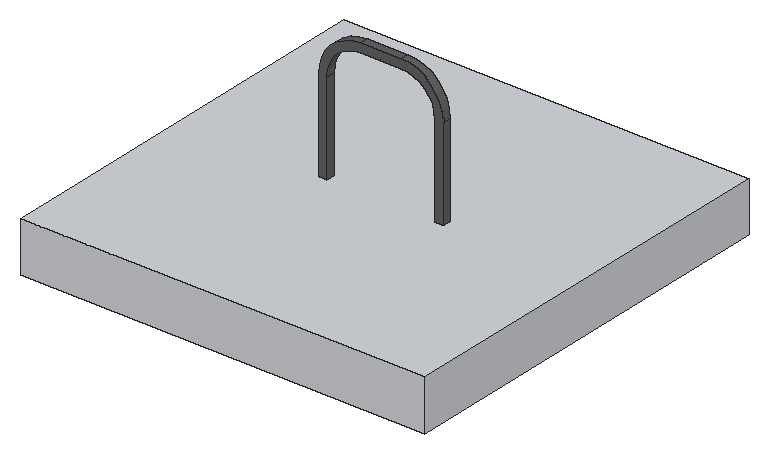
Revit family "Bike_Rack-Saris_Parking-Bike_Dock", category Site, host Face, Revit 2014 (continued)
Definition of nested family "Bicycle-Saris_Parking-2D"
  Definition of nested family "LEFT"
    Lines and regions (in)
      model lines, style "Bike 2D", detail levels medium+fine
        curve 237: line (0, 22.30338, 15.15956) -> (0, 22.47777, 14.41946)
        curve 238: spline (0, 22.34492, 13.53194) -> (0, 22.28256, 13.52108) -> (0, 22.21882, 13.51019) -> (0, 22.15525, 13.49953) -> (0, 22.09335, 13.48936) -> (0, 22.03462, 13.47993) -> (0, 21.98047, 13.47147) -> (0, 21.9322, 13.46416) -> (0, 21.89097, 13.4582) -> (0, 21.85777, 13.45372) -> (0, 21.83339, 13.45083) -> (0, 21.81843, 13.44961) -> (0, 21.81323, 13.45007)
        curve 239: line (0, 21.67626, 14.17032) -> (0, 21.81323, 13.45007)
        curve 240: line (0, 21.51082, 14.88446) -> (0, 21.67626, 14.17032)
        curve 241: line (0, 22.60444, 13.76799) -> (0, 22.55705, 14.01216)
        curve 242: line (0, 22.34492, 13.53194) -> (0, 22.82387, 13.96757)
        curve 243: line (0, 21.62524, 12.87737) -> (0, 22.34492, 13.53194)
        curve 244: line (0, 22.82387, 13.96757) -> (0, 23.29247, 13.45237)
        curve 245: line (0, 23.29247, 13.45237) -> (0, 24.37335, 13.01986)
        curve 246: line (0, 22.49425, 11.66018) -> (0, 23.55417, 11.75828)
        curve 247: line (0, 23.51905, 12.25716) -> (0, 22.32217, 12.14639)
        curve 248: arc (0, 22.73825, 11.68276) -> (0, 22.67911, 11.92839) -> (0, 22.69262, 12.18067) r 0.875
        curve 249: arc (0, 23.02933, 11.05804) -> (0, 22.6095, 11.22378) -> (0, 22.49425, 11.66018) r 0.5
        curve 250: line (0, 24.31925, 11.17742) -> (0, 23.02933, 11.05804)
        curve 251: arc (0, 24.77104, 11.72138) -> (0, 24.6578, 11.35583) -> (0, 24.31925, 11.17742) r 0.5
        curve 252: line (0, 24.68972, 12.60002) -> (0, 24.77104, 11.72138)
        curve 253: arc (0, 24.37335, 13.01986) -> (0, 24.59116, 12.85487) -> (0, 24.68972, 12.60002) r 0.50004
        curve 254: arc (0, 23.55046, 12.25825) -> (0, 23.80045, 12.0101) -> (0, 23.55417, 11.75828) r 0.25
        curve 255: arc (0, 23.55046, 11.75825) -> (0, 23.30046, 12.00825) -> (0, 23.55046, 12.25825) r 0.25
        curve 256: arc (0, 8.88549, 12.42689) -> (0, 15.30416, 13.44303) -> (0, 21.80182, 13.55356) r 46.45669
        curve 257: line (0, 22.32217, 11.66532) -> (0, 11.42003, 11.47503)
        curve 258: arc (0, 11.68176, 15.13655) -> (0, 13.57633, 19.61552) -> (0, 17.15373, 22.90987) r 11.49213
        curve 259: arc (0, 17.9036, 23.31367) -> (0, 20.37098, 24.19391) -> (0, 22.9736, 24.4925) r 11.49213
        curve 260: arc (0, 22.9736, 24.4925) -> (0, 25.35578, 24.24289) -> (0, 27.63448, 23.50491) r 11.49213
        curve 261: arc (0, 27.88089, 23.39208) -> (0, 31.08979, 21.1365) -> (0, 33.35323, 17.93315) r 11.49213
        curve 262: arc (0, 33.4582, 17.70592) -> (0, 32.62103, 6.75568) -> (0, 22.9736, 1.50825) r 11.49213
        curve 263: arc (0, 34.86283, 16.83101) -> (0, 33.07005, 5.64583) -> (0, 22.9736, 0.50928) r 12.4911
        curve 264: arc (0, 22.9736, 1.50825) -> (0, 15.40485, 4.35266) -> (0, 11.58278, 11.47787) r 11.49213
        curve 265: arc (0, 22.9736, 0.50928) -> (0, 16.5028, 2.31599) -> (0, 11.90386, 7.21347) r 12.4911
        curve 266: arc (0, 11.49298, 8.07872) -> (0, 10.91625, 9.73728) -> (0, 10.57781, 11.46033) r 12.4911
        curve 267: arc (0, 11.48539, 12.70038) -> (0, 11.48282, 12.82473) -> (0, 11.48159, 12.9491) r 11.49213
        curve 268: line (0, 11.42003, 11.47503) -> (0, 9.59496, 11.44317)
        curve 269: line (0, 9.59496, 11.44317) -> (0, 8.46689, 11.42348)
        curve 270: arc (0, 8.4891, 11.9128) -> (0, 8.59537, 12.24073) -> (0, 8.88549, 12.42689) r 0.51181
        curve 271: arc (0, 8.4891, 11.9128) -> (0, 8.47248, 11.47264) -> (0, 8.39645, 11.03878) r 3.24803
        curve 272: arc (0, 8.39645, 11.03878) -> (0, 8.29229, 10.70331) -> (0, 8.1489, 10.38265) r 2.94237
        curve 273: line (0, 11.39867, 12.69887) -> (0, 10.14198, 12.69887)
        curve 274: line (0, 11.98589, 13.03281) -> (0, 11.98589, 12.70912)
        curve 275: line (0, 12.13535, 13.05653) -> (0, 12.13535, 12.71173)
        curve 276: line (0, 21.62524, 12.87737) -> (0, 11.39867, 12.69887)
        curve 277: arc (0, -8.30259, 14.10478) -> (0, -11.23385, 5.27454) -> (0, -19.74152, 1.50825) r 11.49213
        curve 278: arc (0, -19.74152, 1.50825) -> (0, -31.23365, 13.00037) -> (0, -19.74152, 24.4925) r 11.49213
        curve 279: line (0, 22.32217, 12.14639) -> (0, 22.32217, 11.66532)
        curve 280: arc (0, 29.37262, 26.56729) -> (0, 29.44221, 27.14518) -> (0, 29.08248, 27.60278) r 0.75989
        curve 281: arc (0, 29.21984, 27.83684) -> (0, 29.70434, 27.21575) -> (0, 29.60743, 26.43401) r 1.02869
        curve 282: arc (0, 35.77393, 18.64012) -> (0, 35.81259, 18.7984) -> (0, 35.66406, 18.86537) r 0.12746
        curve 283: line (0, 36.18598, 17.28574) -> (0, 34.70673, 16.77737)
        curve 284: arc (0, 21.31716, 15.59136) -> (0, 19.69496, 19.51202) -> (0, 17.15373, 22.90987) r 17.02717
        curve 285: arc (0, 22.30338, 15.15956) -> (0, 20.64355, 19.52802) -> (0, 17.9036, 23.31367) r 17.79365
        curve 286: arc (0, 17.50432, 22.53505) -> (0, 14.05765, 19.40686) -> (0, 12.17553, 15.14978) r 11.22948
        curve 287: arc (0, 17.60227, 22.42617) -> (0, 14.18209, 19.35856) -> (0, 12.34911, 15.14572) r 10.7845
        curve 288: arc (0, 27.38568, 23.06656) -> (0, 22.80667, 23.98907) -> (0, 18.25762, 22.92867) r 11.00194
        curve 289: arc (0, 10.04684, 11.45106) -> (0, 10.39885, 9.73301) -> (0, 10.9716, 8.07543) r 13.4385
        curve 290: arc (0, 11.31136, 7.06266) -> (0, 27.91123, 0.92789) -> (0, 35.3343, 16.99305) r 13.03775
        curve 291: arc (0, 32.85983, 17.46452) -> (0, 26.00992, 2.53977) -> (0, 12.24132, 11.48936) r 10.84899
        curve 292: arc (0, 12.08797, 11.48669) -> (0, 26.02571, 2.42327) -> (0, 32.99317, 17.51831) r 10.99296
        curve 293: arc (0, 32.88735, 17.7452) -> (0, 30.7168, 20.81064) -> (0, 27.63213, 22.9538) r 10.86472
        curve 294: arc (0, 27.56116, 22.82874) -> (0, 30.59662, 20.70397) -> (0, 32.75339, 17.69116) r 10.98923
        curve 295: arc (0, 27.31469, 22.94148) -> (0, 22.82243, 23.84165) -> (0, 18.35708, 22.81631) r 10.90026
        curve 296: arc (0, -8.94529, 14.04289) -> (0, -28.4992, 6.65313) -> (0, -15.3918, 22.93687) r 10.83243
        curve 297: arc (0, -15.3356, 23.06917) -> (0, -28.67449, 6.52509) -> (0, -8.8022, 14.05667) r 11.01012
        curve 298: arc (0, -8.97213, 14.29269) -> (0, -10.74261, 19.05992) -> (0, -14.49348, 22.49389) r 10.83243
        curve 299: arc (0, -14.43765, 22.62533) -> (0, -10.63095, 19.14179) -> (0, -8.82946, 14.30643) r 11.01012
      model lines, style "Bike 2D", detail levels coarse
        curve 2: line (0, -32.73252, 42.79206) -> (0, 36.18684, 42.79206)
        curve 300: line (0, 36.18684, 0.00825) -> (0, -32.73252, 0.00825)
        curve 301: line (0, 36.18684, 42.79206) -> (0, 36.18684, 0.00825)
        curve 302: line (0, -32.73252, 0.00825) -> (0, -32.73252, 42.79206)
    Dimensions and locks (in)
      aligned and locked: plane 2 to level
  Definition of nested family "REFLVL"
    Reference planes (in)
      plane 1 "Center (Front/Back)": y = 0
      plane 2: z = 0
      plane 3 "Center (Left/Right)": x = 0
    Lines and regions (in)
      symbolic lines, style "Bike 2D", detail levels medium+fine
        curve 1: line (-1.76035, 34.28438, 0) -> (-1.76035, 30.15007, 0)
        curve 2: line (-1.51035, 30.15007, 0) -> (-1.51035, 34.19814, 0)
        curve 3: line (-1.44526, 34.59773, 0) -> (-1.44526, 30.15007, 0)
        curve 4: line (1.43596, 34.59773, 0) -> (1.43596, 30.15007, 0)
        curve 5: line (1.50104, 34.19814, 0) -> (1.50104, 30.15007, 0)
        curve 6: line (1.75104, 30.15007, 0) -> (1.75104, 34.28438, 0)
        curve 7: arc (-1.37764, 35.22185, 0) -> (-0.00465, 36.19834, 0) -> (1.36833, 35.22185, 0) r 1.45348
        curve 8: arc (-1.76035, 34.28438, 0) -> (-1.1936, 35.41197, 0) -> (-0.00465, 35.83516, 0) r 1.69461
        curve 9: arc (-0.00465, 35.5852, 0) -> (-1.05417, 35.21372, 0) -> (-1.51035, 34.19814, 0) r 1.41535
        curve 10: arc (1.75104, 34.28438, 0) -> (1.18429, 35.41197, 0) -> (-0.00465, 35.83516, 0) r 1.69461
        curve 11: arc (-0.00465, 35.5852, 0) -> (1.04487, 35.21372, 0) -> (1.50104, 34.19814, 0) r 1.41535
        curve 12: line (-1.09029, 30.37075, 0) -> (1.08099, 30.37075, 0)
        curve 13: line (-1.09029, 30.15007, 0) -> (-1.09029, 30.37075, 0)
        curve 14: line (-2.11177, 20.37545, 0) -> (-2.11177, 30.15007, 0)
        curve 15: line (2.10247, 30.15007, 0) -> (-2.11177, 30.15007, 0)
        curve 16: line (1.08099, 30.15007, 0) -> (1.08099, 30.37075, 0)
        curve 17: line (2.10247, 20.37545, 0) -> (2.10247, 30.15007, 0)
        curve 18: line (-2.62965, 24.78553, 0) -> (-2.25465, 24.78553, 0)
        curve 19: line (-2.62965, 22.34422, 0) -> (-2.62965, 24.78553, 0)
        curve 20: line (-2.62965, 23.81282, 0) -> (-2.71298, 23.81282, 0)
        curve 21: line (-2.71298, 23.81282, 0) -> (-2.71298, 23.31282, 0)
        curve 22: line (-2.71298, 23.31282, 0) -> (-2.62965, 23.31282, 0)
        curve 23: line (-2.11177, 25.1083, 0) -> (-2.62353, 22.34473, 0)
        curve 24: line (-2.25465, 24.78553, 0) -> (-2.25465, 24.38571, 0)
        curve 25: line (-2.25465, 22.85389, 0) -> (-2.11177, 23.62547, 0)
        curve 26: line (-2.25465, 22.85389, 0) -> (-2.25465, 22.64937, 0)
        curve 27: spline (-2.11177, 22.61798, 0) -> (-2.12315, 22.62248, 0) -> (-2.13465, 22.62664, 0) -> (-2.14628, 22.63047, 0) -> (-2.15802, 22.63396, 0) -> (-2.16986, 22.6371, 0) -> (-2.18178, 22.63991, 0) -> (-2.19379, 22.64236, 0) -> (-2.20587, 22.64447, 0) -> (-2.218, 22.64622, 0) -> (-2.23018, 22.64763, 0) -> (-2.2424, 22.64868, 0) -> (-2.25465, 22.64937, 0)
        curve 28: line (-2.7074, 22.33771, 0) -> (-2.44814, 20.22624, 0)
        curve 29: line (-2.88634, 22.32273, 0) -> (-2.76709, 20.05839, 0)
        curve 30: line (-2.62965, 22.34422, 0) -> (-2.88634, 22.32273, 0)
        curve 31: arc (-0.00465, 20.7708, 0) -> (-1.69939, 20.52293, 0) -> (-3.23321, 19.76071, 0) r 5.44335
        curve 32: arc (-3.23321, 19.76071, 0) -> (-4.06719, 16.42019, 0) -> (-2.97639, 13.1545, 0) r 6.15429
        curve 33: arc (-2.97639, 13.1545, 0) -> (-1.78498, 12.01981, 0) -> (-1.17923, 10.49009, 0) r 3.83192
        curve 34: line (-0.71107, 10.05492, 0) -> (0.70177, 10.05492, 0)
        curve 35: arc (-1.17923, 10.49009, 0) -> (-0.99063, 10.22357, 0) -> (-0.71107, 10.05492, 0) r 0.7978
        curve 36: line (2.62035, 24.78553, 0) -> (2.24535, 24.78553, 0)
        curve 37: line (2.62035, 22.34422, 0) -> (2.62035, 24.78553, 0)
        curve 38: line (2.62035, 23.81282, 0) -> (2.70368, 23.81282, 0)
        curve 39: line (2.70368, 23.81282, 0) -> (2.70368, 23.31282, 0)
        curve 40: line (2.70368, 23.31282, 0) -> (2.62035, 23.31282, 0)
        curve 41: line (2.10247, 25.1083, 0) -> (2.61423, 22.34473, 0)
        curve 42: line (2.24535, 24.78553, 0) -> (2.24535, 24.38571, 0)
        curve 43: line (2.24535, 22.85389, 0) -> (2.10247, 23.62547, 0)
        curve 44: line (2.24535, 22.85389, 0) -> (2.24535, 22.64937, 0)
        curve 45: spline (2.10247, 22.61798, 0) -> (2.11384, 22.62248, 0) -> (2.12535, 22.62664, 0) -> (2.13698, 22.63047, 0) -> (2.14872, 22.63396, 0) -> (2.16055, 22.6371, 0) -> (2.17248, 22.63991, 0) -> (2.18449, 22.64236, 0) -> (2.19656, 22.64447, 0) -> (2.2087, 22.64622, 0) -> (2.22088, 22.64763, 0) -> (2.2331, 22.64868, 0) -> (2.24535, 22.64937, 0)
        curve 46: line (2.69809, 22.33771, 0) -> (2.43884, 20.22624, 0)
        curve 47: line (2.87704, 22.32273, 0) -> (2.75779, 20.05839, 0)
        curve 48: line (2.62035, 22.34422, 0) -> (2.87704, 22.32273, 0)
        curve 49: arc (-0.00465, 20.7708, 0) -> (1.69009, 20.52293, 0) -> (3.22391, 19.76071, 0) r 5.44335
        curve 50: arc (3.22391, 19.76071, 0) -> (4.05789, 16.42019, 0) -> (2.96709, 13.1545, 0) r 6.15429
        curve 51: arc (2.96709, 13.1545, 0) -> (1.77568, 12.01981, 0) -> (1.16992, 10.49009, 0) r 3.83192
        curve 52: arc (1.16992, 10.49009, 0) -> (0.98133, 10.22357, 0) -> (0.70177, 10.05492, 0) r 0.7978
        curve 53: line (-3.35465, 8.83962, 0) -> (-6.85465, 8.83962, 0)
        curve 54: line (-6.85465, 8.83962, 0) -> (-6.85465, 11.98354, 0)
        curve 55: line (-6.85465, 11.98354, 0) -> (-3.35465, 11.98354, 0)
        curve 56: line (-3.35465, 11.98354, 0) -> (-3.35465, 8.83962, 0)
        curve 57: line (-2.3112, 11.40158, 0) -> (-2.38004, 12.70866, 0)
        curve 58: line (-2.25465, 2.00687, 0) -> (-2.25465, 12.57175, 0)
        curve 59: line (-2.11177, 12.42117, 0) -> (-2.11177, 2.00744, 0)
        curve 60: line (-1.57514, 11.66986, 0) -> (-1.44526, 10.6084, 0)
        curve 61: line (-1.44526, 11.39942, 0) -> (-1.44526, 10.10946, 0)
        curve 62: line (-1.32535, 9.6284, 0) -> (-0.72145, 7.20566, 0)
        curve 63: line (-2.11177, 9.74592, 0) -> (-1.495, 6.43862, 0)
        curve 64: line (-2.41715, 10.87194, 0) -> (-2.41715, 6.40406, 0)
        curve 65: line (-2.79215, 6.40406, 0) -> (-2.79215, 10.87194, 0)
        curve 66: line (-2.79215, 10.87194, 0) -> (-2.41715, 10.87194, 0)
        curve 67: line (-2.25465, 10.86337, 0) -> (-2.3112, 11.40158, 0)
        curve 68: arc (-1.44526, 10.10946, 0) -> (-1.23077, 9.45644, 0) -> (-0.72145, 8.99488, 0) r 1.34395
        curve 69: line (-0.72145, 10.05863, 0) -> (-0.72145, 8.91339, 0)
        curve 70: line (-2.79215, 6.40406, 0) -> (-2.41715, 6.40406, 0)
        curve 71: line (-2.79215, 4.08328, 0) -> (-2.79215, 6.40406, 0)
        curve 72: line (-2.41715, 6.40406, 0) -> (-2.41715, 4.08328, 0)
        curve 73: line (-2.41715, 4.08328, 0) -> (-2.79215, 4.08328, 0)
        curve 74: line (-2.11177, 2.00744, 0) -> (-2.25465, 2.00687, 0)
        curve 75: line (-0.72145, 3.80614, 0) -> (-1.62965, 3.80614, 0)
        curve 76: line (-1.62965, 3.80614, 0) -> (-1.62965, 6.30537, 0)
        curve 77: line (-1.62965, 6.30537, 0) -> (-1.495, 6.30537, 0)
        curve 78: line (-1.495, 6.43862, 0) -> (-1.495, 6.30537, 0)
        curve 79: line (-0.72145, 8.91339, 0) -> (-0.72145, -9.48759, 0)
        curve 80: line (-1.62965, 5.43022, 0) -> (-2.11177, 5.43022, 0)
        curve 81: line (-2.11177, 4.68052, 0) -> (-1.62965, 4.68052, 0)
        curve 82: line (-2.41715, 4.68052, 0) -> (-2.25465, 4.68052, 0)
        curve 83: line (-2.25465, 5.43022, 0) -> (-2.41715, 5.43022, 0)
        curve 84: line (2.3019, 11.40158, 0) -> (2.37073, 12.70866, 0)
        curve 85: line (1.56584, 11.66986, 0) -> (1.43596, 10.6084, 0)
        curve 86: line (1.43596, 11.39942, 0) -> (1.43596, 10.10946, 0)
        curve 87: line (1.31605, 9.6284, 0) -> (0.71215, 7.20566, 0)
        curve 88: line (2.16081, 10.05878, 0) -> (1.4857, 6.43862, 0)
        curve 89: line (2.16081, 10.05878, 0) -> (2.3019, 11.40158, 0)
        curve 90: arc (1.43596, 10.10946, 0) -> (1.22146, 9.45644, 0) -> (0.71215, 8.99488, 0) r 1.34395
        curve 91: line (0.71215, 10.05863, 0) -> (0.71215, 8.91339, 0)
        curve 92: line (0.71215, 3.80614, 0) -> (1.62035, 3.80614, 0)
        curve 93: line (1.62035, 3.80614, 0) -> (1.62035, 6.30537, 0)
        curve 94: line (1.62035, 6.30537, 0) -> (1.4857, 6.30537, 0)
        curve 95: line (1.4857, 6.43862, 0) -> (1.4857, 6.30537, 0)
        curve 96: line (0.71215, 8.91339, 0) -> (0.71215, -9.48759, 0)
        curve 97: line (1.62035, 5.43022, 0) -> (2.05785, 5.43022, 0)
        curve 98: line (2.05785, 4.68052, 0) -> (1.62035, 4.68052, 0)
        curve 99: line (2.43285, 6.02747, 0) -> (2.05785, 6.02747, 0)
        curve 100: line (2.05785, 6.02747, 0) -> (2.05785, 4.40943, 0)
        curve 101: line (2.05785, 4.40943, 0) -> (2.43285, 4.40943, 0)
        curve 102: line (2.43285, 4.40943, 0) -> (2.43285, 6.02747, 0)
        curve 103: line (2.43285, -0.7615, 0) -> (2.43285, 4.40943, 0)
        curve 104: line (2.05785, 4.40943, 0) -> (2.05785, -0.7615, 0)
        curve 105: line (2.05785, -0.7615, 0) -> (2.43285, -0.7615, 0)
        curve 106: line (2.99535, -1.8721, 0) -> (2.99535, 1.27182, 0)
        curve 107: line (6.49535, 1.27182, 0) -> (6.49535, -1.8721, 0)
        curve 108: line (2.99535, 1.27182, 0) -> (6.49535, 1.27182, 0)
        curve 109: line (6.49535, -1.8721, 0) -> (2.99535, -1.8721, 0)
        curve 110: line (-6.74423, -4.40772, 0) -> (-8.60753, -1.19229, 0)
        curve 111: line (-7.69029, -5.14871, 0) -> (-5.36114, -9.18292, 0)
        curve 112: line (-4.54582, -8.59509, 0) -> (-6.82506, -4.64733, 0)
        curve 113: line (-9.79413, -1.87991, 0) -> (-7.93084, -5.09534, 0)
        curve 114: spline (-8.60753, -1.19229, 0) -> (-8.65492, -1.15711, 0) -> (-8.73952, -1.14775, 0) -> (-8.85555, -1.16486, 0) -> (-8.99512, -1.20726, 0) -> (-9.1487, -1.27208, 0) -> (-9.30584, -1.35489, 0) -> (-9.45582, -1.45005, 0) -> (-9.58842, -1.55107, 0) -> (-9.69461, -1.65108, 0) -> (-9.76715, -1.74325, 0) -> (-9.8011, -1.8213, 0) -> (-9.79413, -1.87991, 0)
        curve 115: arc (-6.82506, -4.64733, 0) -> (-6.73038, -4.54583, 0) -> (-6.74423, -4.40772, 0) r 0.16822
        curve 116: arc (-7.69029, -5.14871, 0) -> (-7.82228, -5.17482, 0) -> (-7.93084, -5.09534, 0) r 0.16737
        curve 117: line (-1.76099, -7.33346, 0) -> (-1.76099, -9.49474, 0)
        curve 118: line (-1.50978, -9.49432, 0) -> (-1.50978, -7.33346, 0)
        curve 119: line (-1.44526, -7.3743, 0) -> (-1.44526, -9.48759, 0)
        curve 120: line (-0.62965, -9.48759, 0) -> (-2.18187, -9.48759, 0)
        curve 121: line (-2.15732, -10.48759, 0) -> (-0.62965, -10.48759, 0)
        curve 122: line (-1.76099, -10.48049, 0) -> (-1.76099, -12.54985, 0)
        curve 123: line (-1.50978, -12.32983, 0) -> (-1.50978, -10.48091, 0)
        curve 124: line (-1.44526, -10.47432, 0) -> (-1.44526, -12.27333, 0)
        curve 125: line (-1.00465, -10.48759, 0) -> (-1.00465, -11.88743, 0)
        curve 126: line (-1.00465, -11.88743, 0) -> (-2.45779, -13.16011, 0)
        curve 127: arc (-4.54582, -8.59509, 0) -> (-3.44528, -9.25703, 0) -> (-2.18187, -9.48759, 0) r 3.57695
        curve 128: arc (-2.15732, -10.48759, 0) -> (-3.88696, -10.14892, 0) -> (-5.36114, -9.18292, 0) r 4.58608
        curve 129: arc (-1.44526, -7.3743, 0) -> (-1.25296, -6.60654, 0) -> (-0.72145, -6.02008, 0) r 1.62874
        curve 130: arc (-1.50978, -7.33346, 0) -> (-1.29757, -6.56748, 0) -> (-0.72145, -6.01989, 0) r 1.48854
        curve 131: arc (-1.76099, -7.33346, 0) -> (-1.47821, -6.38074, 0) -> (-0.72145, -5.73657, 0) r 1.74629
        curve 132: line (6.73493, -4.40772, 0) -> (8.59822, -1.19229, 0)
        curve 133: line (7.68099, -5.14871, 0) -> (5.35184, -9.18292, 0)
        curve 134: line (4.53652, -8.59509, 0) -> (6.81576, -4.64733, 0)
        curve 135: line (9.79351, -1.86494, 0) -> (7.92154, -5.09534, 0)
        curve 136: spline (8.59822, -1.19229, 0) -> (8.64562, -1.15711, 0) -> (8.73021, -1.14775, 0) -> (8.84625, -1.16486, 0) -> (8.98582, -1.20726, 0) -> (9.1394, -1.27208, 0) -> (9.29654, -1.35489, 0) -> (9.44652, -1.45005, 0) -> (9.57912, -1.55107, 0) -> (9.68531, -1.65108, 0) -> (9.75785, -1.74325, 0) -> (9.79179, -1.8213, 0) -> (9.78483, -1.87991, 0)
        curve 137: arc (6.81576, -4.64733, 0) -> (6.72108, -4.54583, 0) -> (6.73493, -4.40772, 0) r 0.16822
        curve 138: arc (7.68099, -5.14871, 0) -> (7.81298, -5.17482, 0) -> (7.92154, -5.09534, 0) r 0.16737
        curve 139: line (1.75169, -7.33346, 0) -> (1.75169, -9.49474, 0)
        curve 140: line (1.50047, -9.49432, 0) -> (1.50047, -7.33346, 0)
        curve 141: line (1.43596, -7.3743, 0) -> (1.43596, -9.48759, 0)
        curve 142: line (0.71215, -9.48759, 0) -> (2.17257, -9.48759, 0)
        curve 143: line (2.14802, -10.48759, 0) -> (0.62035, -10.48759, 0)
        curve 144: line (1.75169, -10.48049, 0) -> (1.75169, -12.54985, 0)
        curve 145: line (1.50047, -12.32983, 0) -> (1.50047, -10.48091, 0)
        curve 146: line (1.43596, -10.47432, 0) -> (1.43596, -12.27333, 0)
        curve 147: line (0.99535, -10.48759, 0) -> (0.99535, -11.88743, 0)
        curve 148: line (0.99535, -11.88743, 0) -> (2.44849, -13.16011, 0)
        curve 149: arc (4.53652, -8.59509, 0) -> (3.43598, -9.25703, 0) -> (2.17257, -9.48759, 0) r 3.57695
        curve 150: arc (2.14802, -10.48759, 0) -> (3.87766, -10.14892, 0) -> (5.35184, -9.18292, 0) r 4.58608
        curve 151: arc (1.43596, -7.3743, 0) -> (1.24365, -6.60654, 0) -> (0.71215, -6.02008, 0) r 1.62874
        curve 152: arc (1.50047, -7.33346, 0) -> (1.28826, -6.56748, 0) -> (0.71215, -6.01989, 0) r 1.48854
        curve 153: arc (1.75169, -7.33346, 0) -> (1.46891, -6.38074, 0) -> (0.71215, -5.73657, 0) r 1.74629
        curve 154: spline (-0.00465, -7.95937, 0) -> (0.12476, -7.94368, 0) -> (0.24535, -7.89771, 0) -> (0.3489, -7.82457, 0) -> (0.42836, -7.72926, 0) -> (0.47831, -7.61827, 0) -> (0.49535, -7.49915, 0) -> (0.47831, -7.38004, 0) -> (0.42836, -7.26905, 0) -> (0.3489, -7.17374, 0) -> (0.24535, -7.1006, 0) -> (0.12476, -7.05463, 0) -> (-0.00465, -7.03894, 0)
        curve 155: spline (-0.00465, -7.03894, 0) -> (-0.13406, -7.05463, 0) -> (-0.25465, -7.1006, 0) -> (-0.3582, -7.17374, 0) -> (-0.43766, -7.26905, 0) -> (-0.48761, -7.38004, 0) -> (-0.50465, -7.49915, 0) -> (-0.48761, -7.61827, 0) -> (-0.43766, -7.72926, 0) -> (-0.3582, -7.82457, 0) -> (-0.25465, -7.89771, 0) -> (-0.13406, -7.94368, 0) -> (-0.00465, -7.95937, 0)
        curve 156: line (-0.50465, -7.49915, 0) -> (-0.50465, -9.32024, 0)
        curve 157: line (0.49535, -9.32024, 0) -> (0.49535, -7.49915, 0)
        curve 158: line (-0.62965, -9.32024, 0) -> (0.62035, -9.32024, 0)
        curve 159: line (-0.62965, -11.02577, 0) -> (-0.62965, -9.32024, 0)
        curve 160: line (0.62035, -9.32024, 0) -> (0.62035, -11.02577, 0)
        curve 161: line (0.62035, -11.02577, 0) -> (-0.62965, -11.02577, 0)
        curve 162: spline (-2.45779, -13.16011, 0) -> (-2.55546, -13.26827, 0) -> (-2.62322, -13.39425, 0) -> (-2.6574, -13.53121, 0) -> (-2.65615, -13.67172, 0) -> (-2.61953, -13.80814, 0) -> (-2.54953, -13.93308, 0) -> (-2.44995, -14.03976, 0) -> (-2.3262, -14.12237, 0) -> (-2.18499, -14.17644, 0) -> (-2.03399, -14.19903, 0) -> (-1.8814, -14.18891, 0) -> (-1.73549, -14.14663, 0)
        curve 163: spline (1.72619, -14.14663, 0) -> (1.87209, -14.18891, 0) -> (2.02469, -14.19903, 0) -> (2.17568, -14.17644, 0) -> (2.31689, -14.12237, 0) -> (2.44065, -14.03976, 0) -> (2.54023, -13.93308, 0) -> (2.61023, -13.80814, 0) -> (2.64685, -13.67172, 0) -> (2.6481, -13.53121, 0) -> (2.61392, -13.39425, 0) -> (2.54615, -13.26827, 0) -> (2.44849, -13.16011, 0)
        curve 164: line (1.30088, -13.97108, 0) -> (1.72619, -14.14663, 0)
        curve 165: line (-1.73549, -14.14663, 0) -> (-1.31018, -13.97108, 0)
        curve 166: spline (-0.4929, -13.24896, 0) -> (-0.41703, -13.28422, 0) -> (-0.33819, -13.31342, 0) -> (-0.25694, -13.33635, 0) -> (-0.17386, -13.35285, 0) -> (-0.08956, -13.3628, 0) -> (-0.00465, -13.36612, 0) -> (0.08026, -13.3628, 0) -> (0.16456, -13.35285, 0) -> (0.24763, -13.33635, 0) -> (0.32889, -13.31342, 0) -> (0.40773, -13.28422, 0) -> (0.4836, -13.24896, 0)
        curve 167: line (-1.31018, -14.76604, 0) -> (-1.73549, -14.94159, 0)
        curve 168: spline (-2.66127, -14.39152, 0) -> (-2.65223, -14.49122, 0) -> (-2.62537, -14.58819, 0) -> (-2.58143, -14.67974, 0) -> (-2.52161, -14.76335, 0) -> (-2.44756, -14.83674, 0) -> (-2.36131, -14.89786, 0) -> (-2.26526, -14.94506, 0) -> (-2.16202, -14.97701, 0) -> (-2.05446, -14.99285, 0) -> (-1.94553, -14.99214, 0) -> (-1.83822, -14.97489, 0) -> (-1.73549, -14.94159, 0)
        curve 169: line (-2.66127, -13.59656, 0) -> (-2.66127, -14.39152, 0)
        curve 170: line (-1.31018, -14.76604, 0) -> (-1.31018, -13.97108, 0)
        curve 171: arc (-1.31018, -13.97108, 0) -> (-0.97472, -13.52719, 0) -> (-0.4929, -13.24896, 0) r 1.40041
        curve 172: arc (1.30088, -13.97108, 0) -> (0.96542, -13.52719, 0) -> (0.4836, -13.24896, 0) r 1.40041
        curve 173: line (1.30088, -14.76604, 0) -> (1.72619, -14.94159, 0)
        curve 174: spline (2.65197, -14.39152, 0) -> (2.64293, -14.49122, 0) -> (2.61607, -14.58819, 0) -> (2.57212, -14.67974, 0) -> (2.5123, -14.76335, 0) -> (2.43825, -14.83674, 0) -> (2.35201, -14.89786, 0) -> (2.25595, -14.94506, 0) -> (2.15272, -14.97701, 0) -> (2.04516, -14.99285, 0) -> (1.93622, -14.99214, 0) -> (1.82892, -14.97489, 0) -> (1.72619, -14.94159, 0)
        curve 175: line (2.65197, -13.59656, 0) -> (2.65197, -14.39152, 0)
        curve 176: line (1.30088, -14.76604, 0) -> (1.30088, -13.97108, 0)
        curve 177: line (-2.50465, -14.78242, 0) -> (-2.50465, -19.30431, 0)
        curve 178: line (2.49535, -19.30431, 0) -> (2.49535, -14.78242, 0)
        curve 179: spline (-2.50465, -19.30431, 0) -> (-2.50103, -19.35961, 0) -> (-2.49021, -19.41411, 0) -> (-2.47236, -19.46702, 0) -> (-2.44773, -19.51757, 0) -> (-2.41667, -19.56503, 0) -> (-2.37965, -19.60871, 0) -> (-2.33719, -19.64798, 0) -> (-2.28992, -19.68227, 0) -> (-2.23851, -19.71109, 0) -> (-2.1837, -19.734, 0) -> (-2.12631, -19.75069, 0) -> (-2.06715, -19.76091, 0)
        curve 180: spline (-1.94215, -19.76091, 0) -> (-1.88299, -19.75069, 0) -> (-1.8256, -19.734, 0) -> (-1.7708, -19.71109, 0) -> (-1.71939, -19.68227, 0) -> (-1.67211, -19.64798, 0) -> (-1.62965, -19.60871, 0) -> (-1.59263, -19.56503, 0) -> (-1.56158, -19.51757, 0) -> (-1.53694, -19.46702, 0) -> (-1.51909, -19.41411, 0) -> (-1.50827, -19.35961, 0) -> (-1.50465, -19.30431, 0)
        curve 181: spline (1.49535, -19.30431, 0) -> (1.49897, -19.35961, 0) -> (1.50979, -19.41411, 0) -> (1.52764, -19.46702, 0) -> (1.55227, -19.51757, 0) -> (1.58333, -19.56503, 0) -> (1.62035, -19.60871, 0) -> (1.66281, -19.64798, 0) -> (1.71008, -19.68227, 0) -> (1.76149, -19.71109, 0) -> (1.8163, -19.734, 0) -> (1.87369, -19.75069, 0) -> (1.93285, -19.76091, 0)
        curve 182: spline (2.05785, -19.76091, 0) -> (2.11701, -19.75069, 0) -> (2.1744, -19.734, 0) -> (2.2292, -19.71109, 0) -> (2.28061, -19.68227, 0) -> (2.32789, -19.64798, 0) -> (2.37035, -19.60871, 0) -> (2.40737, -19.56503, 0) -> (2.43842, -19.51757, 0) -> (2.46306, -19.46702, 0) -> (2.48091, -19.41411, 0) -> (2.49173, -19.35961, 0) -> (2.49535, -19.30431, 0)
        curve 183: line (-1.50465, -19.30431, 0) -> (-1.50465, -14.84631, 0)
        curve 184: line (-1.48493, -17.29931, 0) -> (-0.74741, -15.34736, 0)
        curve 185: spline (-0.00465, -17.2361, 0) -> (-0.17662, -17.23662, 0) -> (-0.34635, -17.23815, 0) -> (-0.51164, -17.24069, 0) -> (-0.67035, -17.24419, 0) -> (-0.8204, -17.24862, 0) -> (-0.95986, -17.25391, 0) -> (-1.0869, -17.26, 0) -> (-1.19988, -17.2668, 0) -> (-1.29733, -17.27424, 0) -> (-1.37798, -17.2822, 0) -> (-1.44079, -17.29059, 0) -> (-1.48493, -17.29931, 0)
        curve 186: spline (-0.00465, -18.03929, 0) -> (-0.22235, -18.04014, 0) -> (-0.43529, -18.04266, 0) -> (-0.63878, -18.04679, 0) -> (-0.82838, -18.05246, 0) -> (-0.99992, -18.05952, 0) -> (-1.14965, -18.06784, 0) -> (-1.27428, -18.07722, 0) -> (-1.37109, -18.08746, 0) -> (-1.43795, -18.09833, 0) -> (-1.4734, -18.10961, 0) -> (-1.47665, -18.12103, 0) -> (-1.44765, -18.13235, 0)
        curve 187: line (-1.94215, -18.76179, 0) -> (-1.94215, -21.46748, 0)
        curve 188: line (-2.06715, -18.76179, 0) -> (-1.94215, -18.76179, 0)
        curve 189: line (-2.06715, -21.46748, 0) -> (-2.06715, -18.76179, 0)
        curve 190: line (-1.94215, -21.46748, 0) -> (-2.06715, -21.46748, 0)
        curve 191: line (-1.94215, -20.74545, 0) -> (-1.50465, -20.74545, 0)
        curve 192: line (-1.50465, -20.38608, 0) -> (-1.94215, -20.38608, 0)
        curve 193: line (-1.25465, -19.69077, 0) -> (-1.50465, -19.69077, 0)
        curve 194: line (-1.50465, -21.44077, 0) -> (-1.25465, -21.44077, 0)
        curve 195: line (-1.50465, -19.69077, 0) -> (-1.50465, -21.44077, 0)
        curve 196: line (-1.25465, -21.44077, 0) -> (-1.25465, -19.69077, 0)
        curve 197: line (-1.09029, -20.06577, 0) -> (-1.25465, -20.06577, 0)
        curve 198: line (-1.25465, -21.06577, 0) -> (-1.09029, -21.06577, 0)
        curve 199: line (-1.09029, -32.22026, 0) -> (-1.09029, -19.04492, 0)
        curve 200: line (1.93285, -18.76179, 0) -> (1.93285, -21.46748, 0)
        curve 201: line (2.05785, -18.76179, 0) -> (1.93285, -18.76179, 0)
        curve 202: line (2.05785, -21.46748, 0) -> (2.05785, -18.76179, 0)
        curve 203: line (1.93285, -21.46748, 0) -> (2.05785, -21.46748, 0)
        curve 204: line (1.93285, -20.74545, 0) -> (1.49535, -20.74545, 0)
        curve 205: line (1.49535, -20.38608, 0) -> (1.93285, -20.38608, 0)
        curve 206: line (1.24535, -19.69077, 0) -> (1.49535, -19.69077, 0)
        curve 207: line (1.49535, -21.44077, 0) -> (1.24535, -21.44077, 0)
        curve 208: line (1.49535, -19.69077, 0) -> (1.49535, -21.44077, 0)
        curve 209: line (1.24535, -21.44077, 0) -> (1.24535, -19.69077, 0)
        curve 210: line (1.08099, -20.06577, 0) -> (1.24535, -20.06577, 0)
        curve 211: line (1.24535, -21.06577, 0) -> (1.08099, -21.06577, 0)
        curve 212: line (1.49535, -14.84631, 0) -> (1.49535, -19.30431, 0)
        curve 213: arc (-0.74741, -15.34736, 0) -> (-0.00465, -14.95668, 0) -> (0.73811, -15.34736, 0) r 0.90142
        curve 214: spline (-0.00465, -18.03929, 0) -> (0.21464, -18.04015, 0) -> (0.42905, -18.0427, 0) -> (0.63382, -18.0469, 0) -> (0.82439, -18.05264, 0) -> (0.99652, -18.05981, 0) -> (1.14639, -18.06823, 0) -> (1.27066, -18.07772, 0) -> (1.36656, -18.08808, 0) -> (1.43197, -18.09907, 0) -> (1.46543, -18.11044, 0) -> (1.4662, -18.12195, 0) -> (1.43426, -18.13334, 0)
        curve 215: line (1.47563, -17.29931, 0) -> (0.73811, -15.34736, 0)
        curve 216: spline (-0.00465, -17.2361, 0) -> (0.16732, -17.23662, 0) -> (0.33705, -17.23815, 0) -> (0.50234, -17.24069, 0) -> (0.66105, -17.24419, 0) -> (0.8111, -17.24862, 0) -> (0.95056, -17.25391, 0) -> (1.0776, -17.26, 0) -> (1.19058, -17.2668, 0) -> (1.28803, -17.27424, 0) -> (1.36868, -17.2822, 0) -> (1.43149, -17.29059, 0) -> (1.47563, -17.29931, 0)
        curve 217: arc (1.43426, -18.13334, 0) -> (-0.00465, -18.32418, 0) -> (-1.44356, -18.13334, 0) r 5.51989
        curve 218: line (-1.44527, -19.07786, 0) -> (-1.44765, -18.13235, 0)
        curve 219: line (1.43597, -19.07786, 0) -> (1.43835, -18.13159, 0)
        curve 220: line (-1.44527, -19.07786, 0) -> (-1.28289, -19.08221, 0)
        curve 221: spline (-0.00465, -18.99959, 0) -> (-0.20189, -19.00064, 0) -> (-0.39475, -19.00305, 0) -> (-0.57984, -19.00676, 0) -> (-0.75389, -19.01173, 0) -> (-0.91385, -19.01786, 0) -> (-1.05691, -19.02505, 0) -> (-1.18055, -19.03316, 0) -> (-1.28259, -19.04205, 0) -> (-1.36125, -19.05158, 0) -> (-1.41514, -19.06156, 0) -> (-1.44331, -19.07183, 0) -> (-1.44526, -19.08221, 0)
        curve 222: spline (-0.00465, -19.01116, 0) -> (-0.17541, -19.01214, 0) -> (-0.34237, -19.01426, 0) -> (-0.50278, -19.01747, 0) -> (-0.65399, -19.02174, 0) -> (-0.79352, -19.02698, 0) -> (-0.91907, -19.03312, 0) -> (-1.02856, -19.04005, 0) -> (-1.1202, -19.04765, 0) -> (-1.19247, -19.05581, 0) -> (-1.24418, -19.06438, 0) -> (-1.27449, -19.07323, 0) -> (-1.28289, -19.08221, 0)
        curve 223: line (1.27358, -19.08221, 0) -> (1.43597, -19.07786, 0)
        curve 224: spline (1.43596, -19.08221, 0) -> (1.43401, -19.07183, 0) -> (1.40584, -19.06156, 0) -> (1.35195, -19.05158, 0) -> (1.27329, -19.04205, 0) -> (1.17124, -19.03316, 0) -> (1.0476, -19.02505, 0) -> (0.90455, -19.01786, 0) -> (0.74458, -19.01173, 0) -> (0.57053, -19.00676, 0) -> (0.38545, -19.00305, 0) -> (0.19259, -19.00064, 0) -> (-0.00465, -18.99959, 0)
        curve 225: spline (1.27358, -19.08221, 0) -> (1.26519, -19.07323, 0) -> (1.23488, -19.06438, 0) -> (1.18317, -19.05581, 0) -> (1.11089, -19.04765, 0) -> (1.01926, -19.04005, 0) -> (0.90977, -19.03312, 0) -> (0.78422, -19.02698, 0) -> (0.64469, -19.02174, 0) -> (0.49348, -19.01747, 0) -> (0.33307, -19.01426, 0) -> (0.16611, -19.01214, 0) -> (-0.00465, -19.01116, 0)
        curve 226: line (1.08099, -19.04492, 0) -> (1.08099, -32.22026, 0)
        curve 227: arc (-1.09029, -32.22026, 0) -> (-0.00465, -32.72102, 0) -> (1.08099, -32.22026, 0) r 1.42721
        curve 228: line (2.43285, 0.27182, 0) -> (2.99535, 0.27182, 0)
        curve 229: line (2.99535, -0.22818, 0) -> (2.43285, -0.22818, 0)
        curve 230: line (-3.35465, 10.48354, 0) -> (-2.79215, 10.48354, 0)
        curve 231: line (-2.79215, 9.98354, 0) -> (-3.35465, 9.98354, 0)
      symbolic lines, style "Bike 2D", detail levels coarse
        curve 232: line (-9.80607, -32.72102, 0) -> (9.79351, -32.72102, 0)
        curve 233: line (-9.80607, 36.19834, 0) -> (-9.80607, -32.72102, 0)
        curve 234: line (9.79351, 36.19834, 0) -> (-9.80607, 36.19834, 0)
        curve 235: line (9.79351, -32.72102, 0) -> (9.79351, 36.19834, 0)
    Dimensions and locks (in)
      aligned and locked: plane 2 to level
Types in the file's own list only (6): name | Width | Weight | Tube Square | Tube Round | Pole Length | Pipe Radius | Pipe Size | Model | Length | Flange Mount | Below Grade Mount
  1.66" Round Below Grade Mount | 0' - 2" | 17.00 lb | No | Yes | 2' - 8 3/4" | 0' - 0 27/32" | 0' - 1 21/32" | "2112" | 2' - 6" | No | Yes
  1.66" Round Flange Mount | 0' - 6" | 19.00 lb | No | Yes | 1' - 9 9/16" | 0' - 0 27/32" | 0' - 1 21/32" | "2113" | 2' - 10" | Yes | No
  2.38" Round Below Grade Mount | 0' - 2 13/32" | 31.00 lb | No | Yes | 2' - 8 3/4" | 0' - 1 3/16" | 0' - 2 3/8" | "2112" | 2' - 6" | No | Yes
  2.38" Round Flange Mount | 0' - 6" | 30.00 lb | No | Yes | 1' - 9 9/16" | 0' - 1 3/16" | 0' - 2 3/8" | "2113" | 2' - 10" | Yes | No
  2" Square Below Grade Mount | 0' - 2 13/32" | 38.00 lb | Yes | No | 2' - 8 3/4" | 0' - 1" | 0' - 2" | "2112" | 2' - 6" | No | Yes
  2" Square Flange Mount | 0' - 6" | 34.00 lb | Yes | No | 1' - 9 9/16" | 0' - 1" | 0' - 2" | "2113" | 2' - 10" | Yes | No
